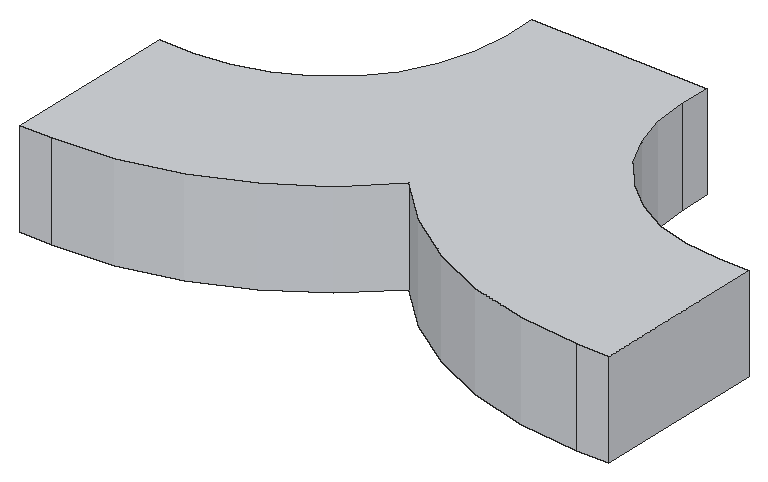
Revit family "1783d3666f3544e1a0cdec0f387efe47", category Duct Fittings, Revit 2021
Family settings
  Round Connector Dimension = Use Diameter
  Part Type = Tee
  OmniClass Number = 23.75.70.14
  OmniClass Title = Air Ductwork
  Seek Item ID = Rectangular Wye - Curved-0000-USA-ENU
  Work Plane-Based = No
  Always vertical = Yes
  Cut with Voids When Loaded = No
  Shared = No
Parameters (values of type "Standard")
  Should Length [instance] = 4"
  Radius [instance] = Duct Width * 1.5  # 33"
  Duct Width [instance] = 22"
  Duct Height [instance] = 12"
  Default Elevation = 0' - 0"
Reference planes (in)
  plane 1 "Center (Front/Back)": y = 0
  plane 2: z = 0
  plane 3 "Center (Left/Right)": x = 0
  plane 4: y = 33
  plane 5: x = -33
  plane 6: x = 33
  plane 7: x = -37
  plane 8: y = 37
  plane 9: x = 37
Forms (in)
  Sweep 1, solid, detail levels medium+fine
    path in 3D
      loop
        arc (0, 33, 0) -> (-9.66548, 9.66548, 0) -> (-33, 0, 0) r 33
    profile "Duct - Rectangular : Duct - Rectangular" origin (-9.66548, 9.66548, 0) x (0.707107, -0.707107, 0) y (0, 0, 1)
      loop
        line (-11, 6) -> (-11, -6) -> (11, -6) -> (11, 6) -> (-11, 6)
  Sweep 2, solid, detail levels medium+fine
    path in 3D
      loop
        arc (33, 0, 0) -> (9.66548, 9.66548, 0) -> (0, 33, 0) r 33
    profile "Duct - Rectangular : Duct - Rectangular" origin (9.66548, 9.66548, 0) x (-0.707107, -0.707107, 0) y (0, 0, 1)
      loop
        line (-11, 6) -> (-11, -6) -> (11, -6) -> (11, 6) -> (-11, 6)
  Sweep 3, solid, detail levels medium+fine
    path in 3D
      loop
        line (-33, 0, 0) -> (-37, 0, 0)
    profile "Duct - Rectangular : Duct - Rectangular" origin (-35, 0, 0) x (0, -1, 0) y (0, 0, 1)
      loop
        line (-11, 6) -> (-11, -6) -> (11, -6) -> (11, 6) -> (-11, 6)
  Sweep 4, solid, detail levels medium+fine
    path in 3D
      loop
        line (0, 37, 0) -> (0, 33, 0)
    profile "Duct - Rectangular : Duct - Rectangular" origin (0, 35, 0) x (1, 0, 0) y (0, 0, 1)
      loop
        line (-11, 6) -> (-11, -6) -> (11, -6) -> (11, 6) -> (-11, 6)
  Sweep 5, solid, detail levels medium+fine
    path in 3D
      loop
        line (37, 0, 0) -> (33, 0, 0)
    profile "Duct - Rectangular : Duct - Rectangular" origin (35, 0, 0) x (0, -1, 0) y (0, 0, 1)
      loop
        line (-11, 6) -> (-11, -6) -> (11, -6) -> (11, 6) -> (-11, 6)
Cuts and joins
  joined: Sweep 1, Sweep 2, Sweep 3, Sweep 4, Sweep 5
Lines and regions (in)
  model lines, detail levels coarse
    curve 1: arc (0, 33, 0) -> (-9.66548, 9.66548, 0) -> (-33, 0, 0) r 33
    curve 2: arc (33, 0, 0) -> (9.66548, 9.66548, 0) -> (0, 33, 0) r 33
    curve 5: line (-33, 0, 0) -> (-37, 0, 0)
    curve 6: line (0, 37, 0) -> (0, 33, 0)
    curve 7: line (37, 0, 0) -> (33, 0, 0)
  sketch lines
    curve 3: arc (0, 33, 0) -> (-9.66548, 9.66548, 0) -> (-33, 0, 0) r 33
    curve 4: arc (33, 0, 0) -> (9.66548, 9.66548, 0) -> (0, 33, 0) r 33
    curve 8: line (-33, 0, 0) -> (-37, 0, 0)
    curve 9: line (0, 37, 0) -> (0, 33, 0)
    curve 10: line (37, 0, 0) -> (33, 0, 0)
Dimensions and locks (in)
  "Radius": plane 1 "Center (Front/Back)" to plane 4
  "Radius": plane 5 to plane 3 "Center (Left/Right)"
  "Radius": plane 3 "Center (Left/Right)" to plane 6
  "Should Length": plane 7 to plane 5
  "Should Length": plane 4 to plane 8
  "Should Length": plane 6 to plane 9
  "Radius": radius of curve 1
  "Radius": radius of curve 2
  aligned and locked: plane 4 to curve 1
  aligned and locked: plane 5 to curve 1
  aligned and locked: plane 4 to curve 2
  aligned and locked: plane 7 to curve 5
  aligned and locked: plane 5 to curve 5
  aligned and locked: curve 6 to plane 3 "Center (Left/Right)"
  aligned and locked: plane 8 to curve 6
  aligned and locked: plane 9 to curve 7
  aligned and locked: curve 7 to plane 1 "Center (Front/Back)"
Connectors (in)
  hvac at (-37, 0, 0), driven by "Duct Height", driven by "Duct Width"
    settings: on Sweep 3, index 1, duct flow 0 CFM, flow factor 0, pres drop 0.00 in-wg, loss coef 0, conn angle 0.00°, conn width 22", conn height 12", conn diameter 24", duct sys type 28, conn prof type 1, flow config 0, flow direction 0, loss method 0, conn ref index -1, conn util no, is conn primary yes, conn desc ""
  hvac at (37, 0, 0), driven by "Duct Height", driven by "Duct Width"
    settings: on Sweep 5, index 2, duct flow 0 CFM, flow factor 0, pres drop 0.00 in-wg, loss coef 0, conn angle 0.00°, conn width 22", conn height 12", conn diameter 24", duct sys type 28, conn prof type 1, flow config 0, flow direction 0, loss method 0, conn ref index -1, conn util no, is conn primary no, conn desc ""
  hvac at (0, 37, 0), driven by "Duct Height", driven by "Duct Width"
    settings: on Sweep 4, index 3, duct flow 0 CFM, flow factor 0, pres drop 0.00 in-wg, loss coef 0, conn angle 0.00°, conn width 22", conn height 12", conn diameter 24", duct sys type 28, conn prof type 1, flow config 0, flow direction 0, loss method 0, conn ref index -1, conn util no, is conn primary no, conn desc ""
